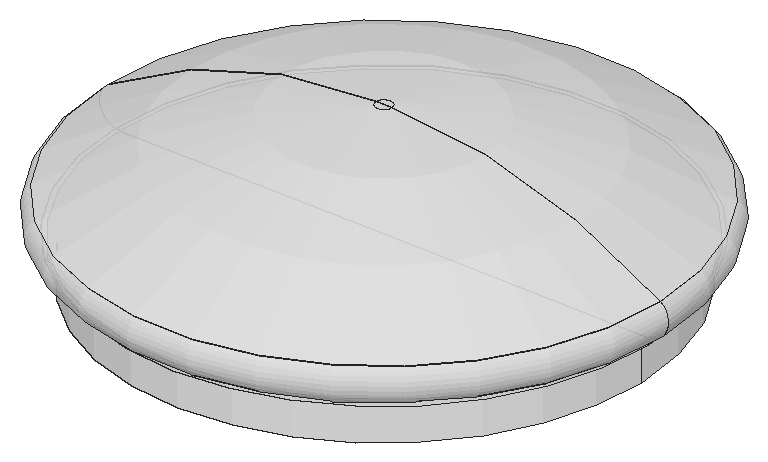
Revit family "0043256 Sylvania Lighting Fixture SYLCIRCLE SENSOR 24W 3000K", category Lighting Fixtures, host Face, Revit 2016
Family settings
  Host = Face
  Part Type = Normal
  Round Connector Dimension = Use Diameter
  OmniClass Number = 23.80.70.11.17
  OmniClass Title = Specialized Lighting by Location or Use
  Cut with Voids When Loaded = No
  Light Source = Yes
  Shared = No
  Room Calculation Point = No
Parameters (values of type "0043256 SYLCIRCLE SENSOR 24W 3000K")
  Weight = "5.322 kg"
  WarrantyStartDate [instance] = "n/a"
  WarrantyGuarantorParts = "n/a"
  WarrantyDurationUnit = "n/a"
  WarrantyDurationParts = "n/a"
  WarrantyDescription = "n/a"
  Voltage = 230 V
  TypeName = "SYLCIRCLE SENSOR 24W 3000K"
  SerialNumber [instance] = "n/a"
  Radius_FEILO = 180.0 mm
  Wattage = 24 W
  built-in parameter 1150110 = 1 (stored number, unit not read)
  URL = "http://www.sylvania-lighting.com"
  built-in parameter 1114217 = 1 (stored number, unit not read)
  Tilt Angle = -90°
  built-in parameter 1150109 = 1 (stored number, unit not read)
  built-in parameter 1150134 = (empty or 0)
  built-in parameter 1150113 = 1 (stored number, unit not read)
  PowerFactor = 0.7
  PowerConsumption = "24 W"
  Photometric Web File = "0043256.ies"
  NominalWidth = 0.0 mm
  NominalLength = 360.0 mm
  NominalHeight = 100.0 mm
  Name = "SYLCIRCLE SENSOR 24W 3000K"
  ModelReference = "SYLCIRCLE SENSOR 24W 3000K"
  ModelNumber = "0043256"
  Material_4_FEILO = none
  Material_3_FEILO = Polycarbonate_Sylvania_Sylcircle_Opal
  Material_2_FEILO = Metal_Sylvania_Sylcircle_White
  Material_1_FEILO = none
  Material = "aluminium housing, polycarbonate diffuser"
  ManufacturerName = "Feilo Sylvania"
  LuminousEfficacy = "83 lm/W"
  LuminaireType = ""
  LightOutputRatio = "n/a"
  LampsType = Lamp  # "LED"
  LampNominalLuminous = "2000 lm"
  LampMacAdamStep = "6"
  LampColourTemperature = "3000 K"
  LampColourRenderingIndex = "80"
  Keynote = "16500"
  InstallationDate [instance] = "n/a"
  InputVoltage = "220-240V~"
  InputNominalFrequency = "50 Hz"
  IngressProtection = "IP44"
  ImpactProtectionIndex = "IK03"
  IfcExportType = "IfcLightFixtureType"
  IfcExportAs = "IfcLightFixtureType"
  Height_FEILO = 100.0 mm
  ExpectedLife = 50000
  ElectricShockClassification = "Class I"
  DurationUnit = "hours"
  DocumentationLiterature = "http://www.sylvania-lighting.com/product/en-int/products/0043256"
  DimmingControlOptions = "Non dimmable"
  Diameter_FEILO = 2 * Radius_FEILO  # 360.0 mm
  CreatedOn = "5/25/2018"
  CreatedBy = "aron.fodor@sylvania-lighting.com"
  built-in parameter 1114216 [instance] = 1 (stored number, unit not read)
  Model = "SYLCIRCLE SENSOR 24W 3000K"
  Manufacturer = "Feilo Sylvania"
  built-in parameter 1150105 = 568.53 (stored number, unit not read)
  Lumens = 1992 lm
  built-in parameter 1150115 = 1 (stored number, unit not read)
  built-in parameter 1150137 = (empty or 0)
  built-in parameter 1150139 = (empty or 0)
  built-in parameter 1150112 = 1 (stored number, unit not read)
  built-in parameter 1150114 = 1 (stored number, unit not read)
  Lamp = "LED"
  built-in parameter 1150132 = 2
  built-in parameter 1150102 = (empty or 0)
  built-in parameter 1150107 = 3000 (stored number, unit not read)
  built-in parameter 1150138 = (empty or 0)
  built-in parameter 1150106 = 5.6853 (stored number, unit not read)
  built-in parameter 1150104 = 7.711 (stored number, unit not read)
  Dimming Lamp Color Temperature Shift = <None>
  Description = "Ceiling / wall luminaire with integrated LED,  Perfect solution for hallways, circulation spaces or foyer.  Even and uniform light distribution with a halo lighting effect on the wall surface, 24W, 2000 lumens, Supplied with LED driver (non-dimmable), IK03 PMMA diffuser, Low maintenance with 30,000 hours LED life expectancy, Integral on/off microwave sensor"
  Default Elevation = 0.0 mm
  Color Filter = 16777215
  built-in parameter 1140040 [instance] = 1
  BarCode [instance] = "n/a"
  built-in parameter 1114218 = 1 (stored number, unit not read)
  built-in parameter 1150133 = 10 (stored number, unit not read)
  AssetType = "Fixed"
  AssetIdentifier [instance] = "n/a"
  Assembly Code = "D5020200"
  Apparent Load = 24 VA
Reference planes
  plane 1 "Center (Front/Back)": y = 0
  plane 2: z = 0
  plane 3 "Center (Left/Right)": x = 0
  plane 4: x = 180
  plane 5: z = 23
  plane 6 "Housing Bottom": z = 27
  plane 7: z = 50
  plane 8 "Fixture Bottom": z = 100
  plane 9: x = 175
  plane 10: x = 170
  plane 11: x = 167
  plane 12: x = 163
Forms (mm)
  Revolve 1, solid, material "Polycarbonate_Sylvania_Sylcircle_Opal" <- "Material_3_FEILO", detail levels fine
    sketch origin (0, 0, 0) x (1, 0, 0) y (0, 0, 1)
      loop
        line (0, 100) -> (0, 27) -> (169.962, 27)
        arc (169.962, 27) -> (179.736, 36.911) -> (175, 50) r 13.044
        arc (175, 50) -> (93.6, 87.241) -> (5, 100) r 314
        line (5, 100) -> (0, 100)
      axis (0, 100) -> (0, 27)
    angle from 0 to 360
  Revolve 2, solid, material "Metal_Sylvania_Sylcircle_White" <- "Material_2_FEILO", detail levels fine
    sketch origin (0, 0, 0) x (1, 0, 0) y (0, 0, 1)
      loop
        line (167, 27) -> (0, 27) -> (0, 0) -> (163, 0) -> (163, 23) -> (167, 23) -> (167, 27)
      axis (0, 27) -> (0, 0)
    angle from 0 to 360
  Revolve 3, solid, material "Metal_Sylvania_Sylcircle_White" <- "Material_2_FEILO", detail levels coarse+medium
    sketch origin (0, 0, 0) x (1, 0, 0) y (0, 0, 1)
      loop
        line (0, 100) -> (0, 0) -> (163, 0) -> (163, 23) -> (167, 23) -> (167, 27) -> (169.962, 27)
        arc (169.962, 27) -> (179.736, 36.911) -> (175, 50) r 13.044
        arc (175, 50) -> (93.6, 87.241) -> (5, 100) r 314
        line (5, 100) -> (0, 100)
      axis (0, 100) -> (0, 0)
    angle from 0 to 360
Dimensions and locks
  "Height_FEILO": plane 8 "Fixture Bottom" to plane 2
  "Radius_FEILO": plane 4 to plane 3 "Center (Left/Right)"
  plane 6 "Housing Bottom" to plane 5 to plane 2 = 4.0 mm locked, 23.0 mm locked
  plane 4 to plane 9 to plane 10 to plane 11 to plane 12 = 5.0 mm locked, 5.0 mm locked, 3.0 mm locked, 4.0 mm locked
  aligned and locked: plane 2 to host face
  aligned and locked: level to host face
  aligned and locked: plane 1 "Center (Front/Back)" to imposter light
  aligned and locked: plane 3 "Center (Left/Right)" to imposter light
  aligned and locked: Revolve 1 sketch curve to plane 3 "Center (Left/Right)"
  aligned and locked: plane 6 "Housing Bottom" to Revolve 1 sketch curve  (x2)
  aligned and locked: Revolve 1 sketch curve to plane 8 "Fixture Bottom"
  aligned and locked: plane 9 to Revolve 1 sketch curve
  aligned and locked: Revolve 2 sketch curve to plane 6 "Housing Bottom"
  aligned and locked: Revolve 2 sketch curve to plane 11
  aligned and locked: Revolve 2 sketch curve to plane 5
  aligned and locked: Revolve 2 sketch curve to plane 12
  aligned and locked: Revolve 2 sketch curve to plane 2
  aligned and locked: Revolve 2 sketch curve to plane 3 "Center (Left/Right)"  (x2)
  aligned and locked: plane 8 "Fixture Bottom" to imposter light
  aligned and locked: plane 9 to Revolve 3 sketch curve
  aligned and locked: plane 6 "Housing Bottom" to Revolve 3 sketch curve
  aligned and locked: plane 7 to Revolve 3 sketch curve
  aligned and locked: Revolve 3 sketch curve to imposter light
  aligned and locked: Revolve 3 sketch curve to plane 11
  aligned and locked: Revolve 3 sketch curve to plane 2
  aligned and locked: Revolve 3 sketch curve to plane 5
  aligned and locked: Revolve 3 sketch curve to plane 12
Automatic sketch dimensions
  host sketch curve to host sketch curve = 1305.563 mm
  host sketch curve to host sketch curve = 1283.632 mm
  Revolve 1 sketch curve to plane 3 "Center (Left/Right)" = 0.0 mm
  Revolve 1 sketch curve to plane 7 = 0.0 mm
  Revolve 1 sketch curve to plane 10 = 0.038 mm
  plane 3 "Center (Left/Right)" to Revolve 1 sketch curve = 5.0 mm
  Revolve 1 sketch curve to plane 10 = 3.007 mm
  Revolve 1 sketch curve to Revolve 1 sketch curve = 234.06 mm
  Revolve 1 sketch curve to Revolve 1 sketch curve = 2559.943 mm
  Revolve 2 sketch curve to level = 372.274 mm
  plane 8 "Fixture Bottom" to Revolve 2 sketch curve = 2559.943 mm
  Revolve 3 sketch curve to plane 3 "Center (Left/Right)" = 0.0 mm  (x2)
  plane 3 "Center (Left/Right)" to Revolve 3 sketch curve = 5.0 mm
  Revolve 3 sketch curve to plane 10 = 0.038 mm
  Revolve 3 sketch curve to plane 11 = 0.007 mm
  Revolve 3 sketch curve to Revolve 3 sketch curve = 234.06 mm
  Revolve 3 sketch curve to Revolve 3 sketch curve = 2559.943 mm
Connectors
  electrical at (0, 0, 0), driven by "Apparent Load", driven by "Voltage", driven by "PowerFactor"
    settings: on Revolve 2, index 1, voltage 230 V, apparent load 0 VA, apparent load phase1 24 VA, apparent load phase2 0 VA, apparent load phase3 0 VA, power factor 0.7, load classification "Lighting", number of poles 1, system type 31, power factor state 1, is connector primary yes, connector utility no, sub classification motor no, connector description ""
